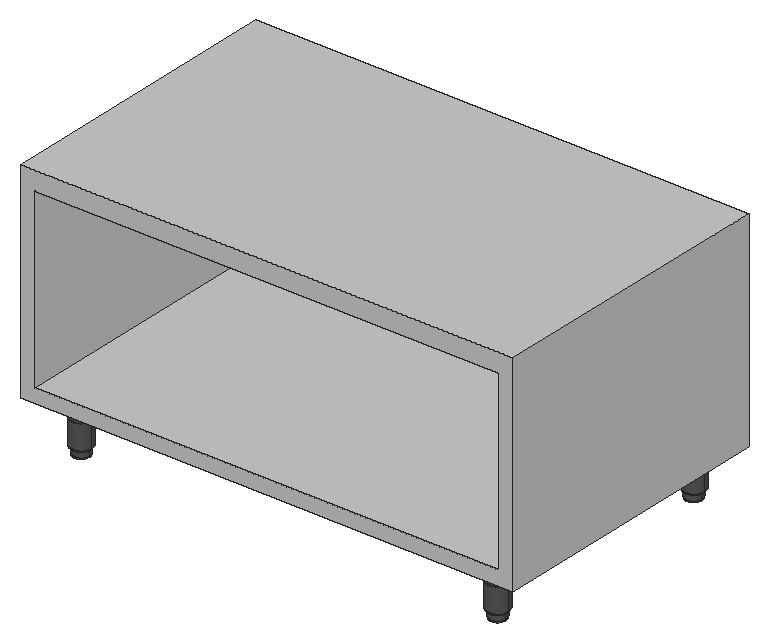
Revit family "QF_CAPIC_CELTIC_W383025", category Equipement spécialisé, Revit 2018
Family settings
  Cote de connecteur circulaire = Utiliser le diamètre
  Type d'élément = Normal
  Numéro OmniClass = 23.40.40.14
  Titre OmniClass = Food Service Equipment
  Basée sur le plan de construction = Non
  Toujours verticalement = Oui
  Couper avec des vides une fois chargée = Non
  Partagée = Non
  Point de calcul de pièce = Non
Parameters (values of type "L=1200mm")
  URL catalogue = "http://www.capic-fr.com/fr/"
  Type de Raccord Plomberie [instance] = ""
  Type de Raccord Electrique [instance] = ""
  Type de Gaz = ""
  Type article [instance] = ""
  Tension = 0 V
  Spécification du Fabricant = ""
  Show Logo = yes
  Remarques evacuation [instance] = ""
  Remarques Plomberie [instance] = ""
  Remarques Electricité [instance] = ""
  Puissance électrique  = 0 W
  Puissance Gaz kW = 0
  Profondeur hors tout = 716 mm
  Pression Maximum Eau Adoucie = 0.0 Pa
  Poids net à vide = 93.00 kg
  Phase = 0
  Modèle = "W383025"
  Longueur hors tout = 1200 mm
  Intensité nominale = 0 A
  Hauteur hors tout = 630 mm
  Hauteur de Raccordement du Sol Finis = 0 mm
  Hauteur de Raccordement Gaz du Sol Finis = 0 mm
  Hauteur de Raccordement Evacuation Directe du Sol Finis = 0 mm
  Hauteur de Raccordement Eau Froide du Sol Finis = 0 mm
  Hauteur de Raccordement Eau Chaude du Sol Finis = 0 mm
  Hauteur de Raccordement Eau Adoucie du Sol Finis = 0 mm
  Fréquence = 0 Hz
  Fabricant = "CAPIC"
  Débit d'air d'extraction = 0.0 m³/h
  Débit Gaz = 0.0 L/s
  Débit Eau Froide = 0.0 L/s
  Débit Eau Chaude = 0.0 L/s
  Débit Eau Adoucie = 0.0 L/s
  Diamètre de Raccordement Gaz = 0 mm
  Diamètre de Raccordement Evacuation = 0 mm
  Diamètre de Raccordement Eau Froide = 0 mm
  Diamètre de Raccordement Eau Chaude = 0 mm
  Diamètre de Raccordement Eau Adoucie = 0 mm
  Description = "Placard Ouvert"
  Assembly Code = ""
  Classification  Omniclass nombre et titre = "23.40.40.14"
Reference planes
  plane 1 "Centre (avant/arrière)": y = 0
  plane 2: z = 0
  plane 3 "Centre (gauche/droite)": x = 0
  plane 4 "Centre G/E": y = 0
  plane 5: y = -838
  plane 6: x = 1200
  plane 7: x = 1198
  plane 8: x = 2
  plane 9: x = 1165
  plane 10: x = 1157
  plane 11: y = -820
  plane 12: z = 141
  plane 13: x = 43
  plane 14: x = 35
  plane 15: y = -182
  plane 16: z = 621
  plane 17: z = 120
  plane 18: y = -122
  plane 19 "Centre G/G": y = -89
Forms (mm)
  Extrusion 1, solid, material "QF_Stainless Steel-Brushed"
    sketch origin (1480, 0, 0) x (1, 0, 0) y (0, 0, 1)
      loop
        line (-1480, 630) -> (-1480, 120) -> (-280, 120) -> (-280, 630) -> (-1480, 630)
    from 838 to 122
  Extrusion 2, void
    sketch origin (1480, 0, 0) x (1, 0, 0) y (0, 0, 1)
      loop
        line (-1445, 155.456) -> (-315, 155.456) -> (-315, 585.456) -> (-1445, 585.456) -> (-1445, 155.456)
    from 838 to 182
  Extrusion 3, void
    sketch origin (1480, 0, 0) x (1, 0, 0) y (0, 1, 0)
      loop
        line (-1445, -131.5) -> (-1445, -820) -> (-315, -820) -> (-315, -131.5) -> (-1445, -131.5)
    from 120 to 141
Cuts and joins
  Extrusion 2, Extrusion 3 cuts Extrusion 1
Dimensions and locks
  locked: plane 9 to plane 6 at 35
  "Profondeur hors tout": plane 5 to plane 18
  locked: plane 7 to plane 6 at 2
  locked: plane 3 "Centre (gauche/droite)" to plane 8 at 2
  "Longueur hors tout": plane 3 "Centre (gauche/droite)" to plane 6
  locked: plane 3 "Centre (gauche/droite)" to plane 14 at 35
  locked: plane 11 to plane 5 at 18
  locked: plane 15 to plane 5 at 656
  plane 12 to plane 17 to plane 2 = 21 mm locked, 120 mm locked
  locked: plane 10 to plane 6 at 43
  aligned and locked: level to plane 2
  aligned and locked: Extrusion 1 to Extrusion 2
  aligned and locked: cut or joined group of Extrusion 1, Extrusion 2, Extrusion 3 to plane 5
  aligned and locked: nested 1 to plane 12
  aligned and locked: nested 2 to plane 12
  aligned and locked: nested 2 to plane 11
  aligned and locked: nested 2 to plane 13
  aligned and locked: nested 1 to plane 13
  aligned and locked: nested 3 to plane 10
  aligned and locked: nested 4 to plane 10
  aligned and locked: plane 11 to nested 4
  aligned and locked: Extrusion 3 to plane 11
  aligned and locked: plane 15 to cut or joined group of Extrusion 1, Extrusion 2, Extrusion 3
  aligned and locked: plane 18 to cut or joined group of Extrusion 1, Extrusion 2, Extrusion 3
Automatic sketch dimensions
  Extrusion 1 sketch curve to plane 3 "Centre (gauche/droite)" = 0 mm
  Extrusion 1 sketch curve to plane 6 = 0 mm
  level to Extrusion 1 sketch curve = 120 mm
  Extrusion 1 sketch curve to Extrusion 1 sketch curve = 510 mm
  Extrusion 2 sketch curve to plane 9 = 0 mm
  level to Extrusion 2 sketch curve = 155.456 mm
  Extrusion 2 sketch curve to Extrusion 2 sketch curve = 430 mm
  Extrusion 3 sketch curve to plane 9 = 0 mm
  plane 1 "Centre (avant/arrière)" to Extrusion 3 sketch curve = 131.5 mm
  Extrusion 2 sketch curve to plane 8 = 33 mm
  Extrusion 3 sketch curve to plane 8 = 33 mm
  Extrusion 3 sketch curve to plane 11 = 0 mm
Nested families
  nested 1: "QF_Details_Pied" at (93, -223, 0), type "QF_Details_Pied"
  nested 2: "QF_Details_Pied" at (93, -820, 0), type "QF_Details_Pied"
  nested 3: "QF_Details_Pied" at (1107, -223, 0), type "QF_Details_Pied"
  nested 4: "QF_Details_Pied" at (1107, -820, 0), type "QF_Details_Pied"
Definition of nested family "QF_Details_Pied"
  Reference planes
    plane 1 "Centre (avant/arrière)": y = 0
    plane 2: z = 0
    plane 3 "Centre (gauche/droite)": x = 0
  Forms (mm)
    Extrusion 1, solid
      sketch origin (-137.492, 51.5, -340.756) x (1, 0, 0) y (0, 0, 1)
        loop
          line (87.492, 481.756) -> (87.492, 472.756) -> (187.492, 472.756) -> (187.492, 481.756) -> (87.492, 481.756)
      from -40 to 40
    Revolve 2, solid
      sketch origin (0, 51.5, -9) x (1, 0, 0) y (0, 0, 1)
        loop
          line (0, 141) -> (0, 9) -> (19.21, 9) -> (19.21, 13) -> (20.21, 13) -> (20.21, 26) -> (21.71, 26) -> (26.66, 30.95) -> (26.66, 90.95) -> (31.468, 136.698) -> (36.246, 141) -> (0, 141)
        axis (0, 141) -> (0, 9)
      angle from 0 to 360
  Dimensions and locks
    aligned and locked: level to plane 2
    aligned and locked: Extrusion 1 to Revolve 2 sketch curve
